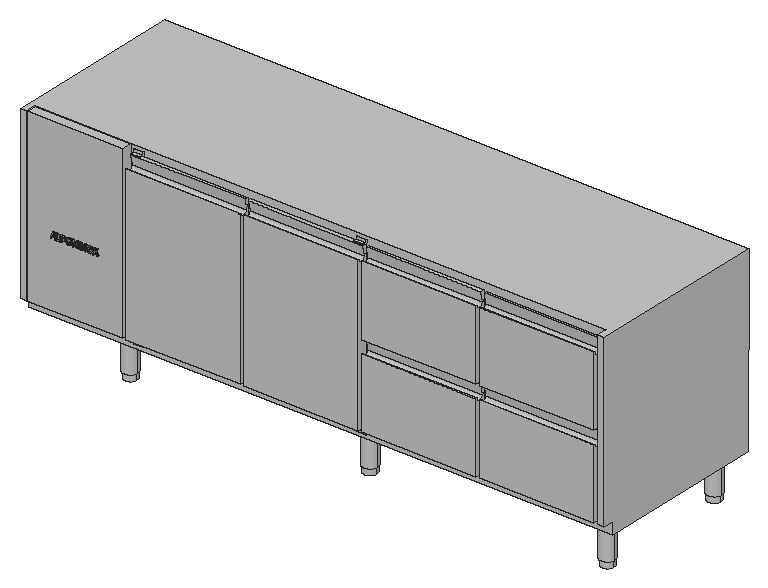
Revit family "QF_ALPENINOX_712078_AH4H7AABB", category Specialty Equipment, Revit 2018 (continued)
Definition of nested family "ALP_Cooling Unit"
  Lines and regions (mm)
    Split face 130
      outline origin (55.016, 2, -281.14) x (0, 0, 1) y (-1, 0, 0)
        loop
          line (510.649, 116.535) -> (510.649, 158.547)
    Split face 131
      outline origin (55.016, 2, -293.144) x (0, 0, 1) y (-1, 0, 0)
        loop
          arc (510.649, 158.547) -> (506.648, 162.548) -> (502.647, 158.547) r 4.001
          line (502.647, 158.547) -> (502.647, 116.535)
          arc (502.647, 116.535) -> (506.648, 112.533) -> (510.649, 116.535) r 4.001
          line (510.649, 116.535) -> (510.649, 158.547)
    Split face 132
      outline origin (110.032, 2, -113.091) x (0, 0, 1) y (-1, 0, 0)
        loop
          arc (510.649, 158.547) -> (506.648, 162.548) -> (502.647, 158.547) r 4.001
          line (502.647, 158.547) -> (502.647, 116.535)
          arc (502.647, 116.535) -> (506.648, 112.533) -> (510.649, 116.535) r 4.001
          line (510.649, 116.535) -> (510.649, 158.547)
    Split face 133
      outline origin (110.032, 2, -125.094) x (0, 0, 1) y (-1, 0, 0)
        loop
          arc (510.649, 158.547) -> (506.648, 162.548) -> (502.647, 158.547) r 4.001
          line (502.647, 158.547) -> (502.647, 116.535)
          arc (502.647, 116.535) -> (506.648, 112.533) -> (510.649, 116.535) r 4.001
          line (510.649, 116.535) -> (510.649, 158.547)
    Split face 134
      outline origin (110.032, 2, -137.098) x (0, 0, 1) y (-1, 0, 0)
        loop
          arc (510.649, 158.547) -> (506.648, 162.548) -> (502.647, 158.547) r 4.001
          line (502.647, 158.547) -> (502.647, 116.535)
          arc (502.647, 116.535) -> (506.648, 112.533) -> (510.649, 116.535) r 4.001
          line (510.649, 116.535) -> (510.649, 158.547)
    Split face 135
      outline origin (110.032, 2, -149.101) x (0, 0, 1) y (-1, 0, 0)
        loop
          arc (510.649, 158.547) -> (506.648, 162.548) -> (502.647, 158.547) r 4.001
          line (502.647, 158.547) -> (502.647, 116.535)
          arc (502.647, 116.535) -> (506.648, 112.533) -> (510.649, 116.535) r 4.001
          line (510.649, 116.535) -> (510.649, 158.547)
    Split face 136
      outline origin (110.032, 2, -161.105) x (0, 0, 1) y (-1, 0, 0)
        loop
          arc (510.649, 158.547) -> (506.648, 162.548) -> (502.647, 158.547) r 4.001
          line (502.647, 158.547) -> (502.647, 116.535)
          arc (502.647, 116.535) -> (506.648, 112.533) -> (510.649, 116.535) r 4.001
          line (510.649, 116.535) -> (510.649, 158.547)
    Split face 137
      outline origin (110.032, 2, -173.108) x (0, 0, 1) y (-1, 0, 0)
        loop
          arc (510.649, 158.547) -> (506.648, 162.548) -> (502.647, 158.547) r 4.001
          line (502.647, 158.547) -> (502.647, 116.535)
          arc (502.647, 116.535) -> (506.648, 112.533) -> (510.649, 116.535) r 4.001
          line (510.649, 116.535) -> (510.649, 158.547)
    Split face 138
      outline origin (110.032, 2, -185.112) x (0, 0, 1) y (-1, 0, 0)
        loop
          arc (510.649, 158.547) -> (506.648, 162.548) -> (502.647, 158.547) r 4.001
          line (502.647, 158.547) -> (502.647, 116.535)
          arc (502.647, 116.535) -> (506.648, 112.533) -> (510.649, 116.535) r 4.001
          line (510.649, 116.535) -> (510.649, 158.547)
    Split face 139
      outline origin (110.032, 2, -197.115) x (0, 0, 1) y (-1, 0, 0)
        loop
          arc (510.649, 158.547) -> (506.648, 162.548) -> (502.647, 158.547) r 4.001
          line (502.647, 158.547) -> (502.647, 116.535)
          arc (502.647, 116.535) -> (506.648, 112.533) -> (510.649, 116.535) r 4.001
          line (510.649, 116.535) -> (510.649, 158.547)
    Split face 140
      outline origin (110.032, 2, -209.119) x (0, 0, 1) y (-1, 0, 0)
        loop
          arc (510.649, 158.547) -> (506.648, 162.548) -> (502.647, 158.547) r 4.001
          line (502.647, 158.547) -> (502.647, 116.535)
          arc (502.647, 116.535) -> (506.648, 112.533) -> (510.649, 116.535) r 4.001
          line (510.649, 116.535) -> (510.649, 158.547)
    Split face 141
      outline origin (110.032, 2, -221.122) x (0, 0, 1) y (-1, 0, 0)
        loop
          arc (510.649, 158.547) -> (506.648, 162.548) -> (502.647, 158.547) r 4.001
          line (502.647, 158.547) -> (502.647, 116.535)
          arc (502.647, 116.535) -> (506.648, 112.533) -> (510.649, 116.535) r 4.001
          line (510.649, 116.535) -> (510.649, 158.547)
    Split face 142
      outline origin (110.032, 2, -233.126) x (0, 0, 1) y (-1, 0, 0)
        loop
          arc (510.649, 158.547) -> (506.648, 162.548) -> (502.647, 158.547) r 4.001
          line (502.647, 158.547) -> (502.647, 116.535)
          arc (502.647, 116.535) -> (506.648, 112.533) -> (510.649, 116.535) r 4.001
          line (510.649, 116.535) -> (510.649, 158.547)
    Split face 143
      outline origin (110.032, 2, -245.129) x (0, 0, 1) y (-1, 0, 0)
        loop
          arc (510.649, 158.547) -> (506.648, 162.548) -> (502.647, 158.547) r 4.001
          line (502.647, 158.547) -> (502.647, 116.535)
          arc (502.647, 116.535) -> (506.648, 112.533) -> (510.649, 116.535) r 4.001
          line (510.649, 116.535) -> (510.649, 158.547)
    Split face 144
      outline origin (110.032, 2, -257.133) x (0, 0, 1) y (-1, 0, 0)
        loop
          arc (510.649, 158.547) -> (506.648, 162.548) -> (502.647, 158.547) r 4.001
          line (502.647, 158.547) -> (502.647, 116.535)
          arc (502.647, 116.535) -> (506.648, 112.533) -> (510.649, 116.535) r 4.001
          line (510.649, 116.535) -> (510.649, 158.547)
    Split face 145
      outline origin (110.032, 2, -269.136) x (0, 0, 1) y (-1, 0, 0)
        loop
          arc (510.649, 158.547) -> (506.648, 162.548) -> (502.647, 158.547) r 4.001
          line (502.647, 158.547) -> (502.647, 116.535)
          arc (502.647, 116.535) -> (506.648, 112.533) -> (510.649, 116.535) r 4.001
          line (510.649, 116.535) -> (510.649, 158.547)
    Split face 146
      outline origin (110.032, 2, -281.14) x (0, 0, 1) y (-1, 0, 0)
        loop
          arc (510.649, 158.547) -> (506.648, 162.548) -> (502.647, 158.547) r 4.001
          line (502.647, 158.547) -> (502.647, 116.535)
          arc (502.647, 116.535) -> (506.648, 112.533) -> (510.649, 116.535) r 4.001
          line (510.649, 116.535) -> (510.649, 158.547)
    Split face 147
      outline origin (110.032, 2, -293.144) x (0, 0, 1) y (-1, 0, 0)
        loop
          arc (510.649, 158.547) -> (506.648, 162.548) -> (502.647, 158.547) r 4.001
          line (502.647, 158.547) -> (502.647, 116.535)
          arc (502.647, 116.535) -> (506.648, 112.533) -> (510.649, 116.535) r 4.001
          line (510.649, 116.535) -> (510.649, 158.547)
    Split face 148
      outline origin (165.048, 2, -113.091) x (0, 0, 1) y (-1, 0, 0)
        loop
          arc (510.649, 158.547) -> (506.648, 162.548) -> (502.647, 158.547) r 4.001
          line (502.647, 158.547) -> (502.647, 116.535)
          arc (502.647, 116.535) -> (506.648, 112.533) -> (510.649, 116.535) r 4.001
          line (510.649, 116.535) -> (510.649, 158.547)
    Split face 149
      outline origin (165.048, 2, -125.094) x (0, 0, 1) y (-1, 0, 0)
        loop
          arc (510.649, 158.547) -> (506.648, 162.548) -> (502.647, 158.547) r 4.001
          line (502.647, 158.547) -> (502.647, 116.535)
          arc (502.647, 116.535) -> (506.648, 112.533) -> (510.649, 116.535) r 4.001
          line (510.649, 116.535) -> (510.649, 158.547)
    Split face 150
      outline origin (165.048, 2, -137.098) x (0, 0, 1) y (-1, 0, 0)
        loop
          arc (510.649, 158.547) -> (506.648, 162.548) -> (502.647, 158.547) r 4.001
          line (502.647, 158.547) -> (502.647, 116.535)
          arc (502.647, 116.535) -> (506.648, 112.533) -> (510.649, 116.535) r 4.001
          line (510.649, 116.535) -> (510.649, 158.547)
    Split face 151
      outline origin (165.048, 2, -149.101) x (0, 0, 1) y (-1, 0, 0)
        loop
          arc (510.649, 158.547) -> (506.648, 162.548) -> (502.647, 158.547) r 4.001
          line (502.647, 158.547) -> (502.647, 116.535)
          arc (502.647, 116.535) -> (506.648, 112.533) -> (510.649, 116.535) r 4.001
          line (510.649, 116.535) -> (510.649, 158.547)
    Split face 152
      outline origin (165.048, 2, -161.105) x (0, 0, 1) y (-1, 0, 0)
        loop
          arc (510.649, 158.547) -> (506.648, 162.548) -> (502.647, 158.547) r 4.001
          line (502.647, 158.547) -> (502.647, 116.535)
          arc (502.647, 116.535) -> (506.648, 112.533) -> (510.649, 116.535) r 4.001
          line (510.649, 116.535) -> (510.649, 158.547)
    Split face 153
      outline origin (165.048, 2, -173.108) x (0, 0, 1) y (-1, 0, 0)
        loop
          arc (510.649, 158.547) -> (506.648, 162.548) -> (502.647, 158.547) r 4.001
          line (502.647, 158.547) -> (502.647, 116.535)
          arc (502.647, 116.535) -> (506.648, 112.533) -> (510.649, 116.535) r 4.001
          line (510.649, 116.535) -> (510.649, 158.547)
    Split face 154
      outline origin (165.048, 2, -185.112) x (0, 0, 1) y (-1, 0, 0)
        loop
          arc (510.649, 158.547) -> (506.648, 162.548) -> (502.647, 158.547) r 4.001
          line (502.647, 158.547) -> (502.647, 116.535)
          arc (502.647, 116.535) -> (506.648, 112.533) -> (510.649, 116.535) r 4.001
          line (510.649, 116.535) -> (510.649, 158.547)
    Split face 155
      outline origin (165.048, 2, -197.115) x (0, 0, 1) y (-1, 0, 0)
        loop
          arc (510.649, 158.547) -> (506.648, 162.548) -> (502.647, 158.547) r 4.001
          line (502.647, 158.547) -> (502.647, 116.535)
          arc (502.647, 116.535) -> (506.648, 112.533) -> (510.649, 116.535) r 4.001
          line (510.649, 116.535) -> (510.649, 158.547)
    Split face 156
      outline origin (165.048, 2, -209.119) x (0, 0, 1) y (-1, 0, 0)
        loop
          arc (510.649, 158.547) -> (506.648, 162.548) -> (502.647, 158.547) r 4.001
          line (502.647, 158.547) -> (502.647, 116.535)
          arc (502.647, 116.535) -> (506.648, 112.533) -> (510.649, 116.535) r 4.001
          line (510.649, 116.535) -> (510.649, 158.547)
    Split face 157
      outline origin (165.048, 2, -221.122) x (0, 0, 1) y (-1, 0, 0)
        loop
          arc (510.649, 158.547) -> (506.648, 162.548) -> (502.647, 158.547) r 4.001
          line (502.647, 158.547) -> (502.647, 116.535)
          arc (502.647, 116.535) -> (506.648, 112.533) -> (510.649, 116.535) r 4.001
          line (510.649, 116.535) -> (510.649, 158.547)
    Split face 158
      outline origin (165.048, 2, -233.126) x (0, 0, 1) y (-1, 0, 0)
        loop
          arc (510.649, 158.547) -> (506.648, 162.548) -> (502.647, 158.547) r 4.001
          line (502.647, 158.547) -> (502.647, 116.535)
          arc (502.647, 116.535) -> (506.648, 112.533) -> (510.649, 116.535) r 4.001
          line (510.649, 116.535) -> (510.649, 158.547)
    Split face 159
      outline origin (165.048, 2, -245.129) x (0, 0, 1) y (-1, 0, 0)
        loop
          arc (510.649, 158.547) -> (506.648, 162.548) -> (502.647, 158.547) r 4.001
          line (502.647, 158.547) -> (502.647, 116.535)
          arc (502.647, 116.535) -> (506.648, 112.533) -> (510.649, 116.535) r 4.001
          line (510.649, 116.535) -> (510.649, 158.547)
    Split face 160
      outline origin (165.048, 2, -257.133) x (0, 0, 1) y (-1, 0, 0)
        loop
          arc (510.649, 158.547) -> (506.648, 162.548) -> (502.647, 158.547) r 4.001
          line (502.647, 158.547) -> (502.647, 116.535)
          arc (502.647, 116.535) -> (506.648, 112.533) -> (510.649, 116.535) r 4.001
          line (510.649, 116.535) -> (510.649, 158.547)
    Split face 161
      outline origin (165.048, 2, -269.136) x (0, 0, 1) y (-1, 0, 0)
        loop
          arc (510.649, 158.547) -> (506.648, 162.548) -> (502.647, 158.547) r 4.001
          line (502.647, 158.547) -> (502.647, 116.535)
          arc (502.647, 116.535) -> (506.648, 112.533) -> (510.649, 116.535) r 4.001
          line (510.649, 116.535) -> (510.649, 158.547)
    Split face 162
      outline origin (165.048, 2, -281.14) x (0, 0, 1) y (-1, 0, 0)
        loop
          arc (510.649, 158.547) -> (506.648, 162.548) -> (502.647, 158.547) r 4.001
          line (502.647, 158.547) -> (502.647, 116.535)
          arc (502.647, 116.535) -> (506.648, 112.533) -> (510.649, 116.535) r 4.001
          line (510.649, 116.535) -> (510.649, 158.547)
    Split face 163
      outline origin (165.048, 2, -293.144) x (0, 0, 1) y (-1, 0, 0)
        loop
          arc (510.649, 158.547) -> (506.648, 162.548) -> (502.647, 158.547) r 4.001
          line (502.647, 158.547) -> (502.647, 116.535)
          arc (502.647, 116.535) -> (506.648, 112.533) -> (510.649, 116.535) r 4.001
          line (510.649, 116.535) -> (510.649, 158.547)
    Split face 164
      outline origin (220.064, 2, -113.091) x (0, 0, 1) y (-1, 0, 0)
        loop
          arc (510.649, 158.547) -> (506.648, 162.548) -> (502.647, 158.547) r 4.001
          line (502.647, 158.547) -> (502.647, 116.535)
          arc (502.647, 116.535) -> (506.648, 112.533) -> (510.649, 116.535) r 4.001
          line (510.649, 116.535) -> (510.649, 158.547)
    Split face 165
      outline origin (220.064, 2, -125.094) x (0, 0, 1) y (-1, 0, 0)
        loop
          arc (510.649, 158.547) -> (506.648, 162.548) -> (502.647, 158.547) r 4.001
          line (502.647, 158.547) -> (502.647, 116.535)
          arc (502.647, 116.535) -> (506.648, 112.533) -> (510.649, 116.535) r 4.001
          line (510.649, 116.535) -> (510.649, 158.547)
    Split face 166
      outline origin (220.064, 2, -137.098) x (0, 0, 1) y (-1, 0, 0)
        loop
          arc (510.649, 158.547) -> (506.648, 162.548) -> (502.647, 158.547) r 4.001
          line (502.647, 158.547) -> (502.647, 116.535)
          arc (502.647, 116.535) -> (506.648, 112.533) -> (510.649, 116.535) r 4.001
          line (510.649, 116.535) -> (510.649, 158.547)
    Split face 167
      outline origin (220.064, 2, -149.101) x (0, 0, 1) y (-1, 0, 0)
        loop
          arc (510.649, 158.547) -> (506.648, 162.548) -> (502.647, 158.547) r 4.001
          line (502.647, 158.547) -> (502.647, 116.535)
          arc (502.647, 116.535) -> (506.648, 112.533) -> (510.649, 116.535) r 4.001
          line (510.649, 116.535) -> (510.649, 158.547)
    Split face 168
      outline origin (220.064, 2, -161.105) x (0, 0, 1) y (-1, 0, 0)
        loop
          arc (510.649, 158.547) -> (506.648, 162.548) -> (502.647, 158.547) r 4.001
          line (502.647, 158.547) -> (502.647, 116.535)
          arc (502.647, 116.535) -> (506.648, 112.533) -> (510.649, 116.535) r 4.001
          line (510.649, 116.535) -> (510.649, 158.547)
    Split face 169
      outline origin (220.064, 2, -173.108) x (0, 0, 1) y (-1, 0, 0)
        loop
          arc (510.649, 158.547) -> (506.648, 162.548) -> (502.647, 158.547) r 4.001
          line (502.647, 158.547) -> (502.647, 116.535)
          arc (502.647, 116.535) -> (506.648, 112.533) -> (510.649, 116.535) r 4.001
          line (510.649, 116.535) -> (510.649, 158.547)
    Split face 170
      outline origin (220.064, 2, -185.112) x (0, 0, 1) y (-1, 0, 0)
        loop
          arc (510.649, 158.547) -> (506.648, 162.548) -> (502.647, 158.547) r 4.001
          line (502.647, 158.547) -> (502.647, 116.535)
          arc (502.647, 116.535) -> (506.648, 112.533) -> (510.649, 116.535) r 4.001
          line (510.649, 116.535) -> (510.649, 158.547)
    Split face 171
      outline origin (220.064, 2, -197.115) x (0, 0, 1) y (-1, 0, 0)
        loop
          arc (510.649, 158.547) -> (506.648, 162.548) -> (502.647, 158.547) r 4.001
          line (502.647, 158.547) -> (502.647, 116.535)
          arc (502.647, 116.535) -> (506.648, 112.533) -> (510.649, 116.535) r 4.001
          line (510.649, 116.535) -> (510.649, 158.547)
    Split face 172
      outline origin (220.064, 2, -209.119) x (0, 0, 1) y (-1, 0, 0)
        loop
          arc (510.649, 158.547) -> (506.648, 162.548) -> (502.647, 158.547) r 4.001
          line (502.647, 158.547) -> (502.647, 116.535)
          arc (502.647, 116.535) -> (506.648, 112.533) -> (510.649, 116.535) r 4.001
          line (510.649, 116.535) -> (510.649, 158.547)
    Split face 173
      outline origin (220.064, 2, -221.122) x (0, 0, 1) y (-1, 0, 0)
        loop
          arc (510.649, 158.547) -> (506.648, 162.548) -> (502.647, 158.547) r 4.001
          line (502.647, 158.547) -> (502.647, 116.535)
          arc (502.647, 116.535) -> (506.648, 112.533) -> (510.649, 116.535) r 4.001
          line (510.649, 116.535) -> (510.649, 158.547)
    Split face 174
      outline origin (220.064, 2, -233.126) x (0, 0, 1) y (-1, 0, 0)
        loop
          arc (510.649, 158.547) -> (506.648, 162.548) -> (502.647, 158.547) r 4.001
          line (502.647, 158.547) -> (502.647, 116.535)
          arc (502.647, 116.535) -> (506.648, 112.533) -> (510.649, 116.535) r 4.001
          line (510.649, 116.535) -> (510.649, 158.547)
    Split face 175
      outline origin (220.064, 2, -245.129) x (0, 0, 1) y (-1, 0, 0)
        loop
          arc (510.649, 158.547) -> (506.648, 162.548) -> (502.647, 158.547) r 4.001
          line (502.647, 158.547) -> (502.647, 116.535)
          arc (502.647, 116.535) -> (506.648, 112.533) -> (510.649, 116.535) r 4.001
          line (510.649, 116.535) -> (510.649, 158.547)
    Split face 176
      outline origin (220.064, 2, -257.133) x (0, 0, 1) y (-1, 0, 0)
        loop
          arc (510.649, 158.547) -> (506.648, 162.548) -> (502.647, 158.547) r 4.001
          line (502.647, 158.547) -> (502.647, 116.535)
          arc (502.647, 116.535) -> (506.648, 112.533) -> (510.649, 116.535) r 4.001
          line (510.649, 116.535) -> (510.649, 158.547)
    Split face 177
      outline origin (220.064, 2, -269.136) x (0, 0, 1) y (-1, 0, 0)
        loop
          arc (510.649, 158.547) -> (506.648, 162.548) -> (502.647, 158.547) r 4.001
          line (502.647, 158.547) -> (502.647, 116.535)
          arc (502.647, 116.535) -> (506.648, 112.533) -> (510.649, 116.535) r 4.001
          line (510.649, 116.535) -> (510.649, 158.547)
    Split face 178
      outline origin (220.064, 2, -281.14) x (0, 0, 1) y (-1, 0, 0)
        loop
          arc (510.649, 158.547) -> (506.648, 162.548) -> (502.647, 158.547) r 4.001
          line (502.647, 158.547) -> (502.647, 116.535)
          arc (502.647, 116.535) -> (506.648, 112.533) -> (510.649, 116.535) r 4.001
          line (510.649, 116.535) -> (510.649, 158.547)
    Split face 179
      outline origin (220.064, 2, -293.144) x (0, 0, 1) y (-1, 0, 0)
        loop
          arc (510.649, 158.547) -> (506.648, 162.548) -> (502.647, 158.547) r 4.001
          line (502.647, 158.547) -> (502.647, 116.535)
          arc (502.647, 116.535) -> (506.648, 112.533) -> (510.649, 116.535) r 4.001
          line (510.649, 116.535) -> (510.649, 158.547)
    Split face 180
      outline origin (275.081, 2, -113.091) x (0, 0, 1) y (-1, 0, 0)
        loop
          arc (510.649, 158.547) -> (506.648, 162.548) -> (502.647, 158.547) r 4.001
          line (502.647, 158.547) -> (502.647, 116.535)
          arc (502.647, 116.535) -> (506.648, 112.533) -> (510.649, 116.535) r 4.001
          line (510.649, 116.535) -> (510.649, 158.547)
    Split face 181
      outline origin (275.081, 2, -125.094) x (0, 0, 1) y (-1, 0, 0)
        loop
          arc (510.649, 158.547) -> (506.648, 162.548) -> (502.647, 158.547) r 4.001
          line (502.647, 158.547) -> (502.647, 116.535)
          arc (502.647, 116.535) -> (506.648, 112.533) -> (510.649, 116.535) r 4.001
          line (510.649, 116.535) -> (510.649, 158.547)
    Split face 182
      outline origin (275.081, 2, -137.098) x (0, 0, 1) y (-1, 0, 0)
        loop
          arc (510.649, 158.547) -> (506.648, 162.548) -> (502.647, 158.547) r 4.001
          line (502.647, 158.547) -> (502.647, 116.535)
          arc (502.647, 116.535) -> (506.648, 112.533) -> (510.649, 116.535) r 4.001
          line (510.649, 116.535) -> (510.649, 158.547)
    Split face 183
      outline origin (275.081, 2, -149.101) x (0, 0, 1) y (-1, 0, 0)
        loop
          arc (510.649, 158.547) -> (506.648, 162.548) -> (502.647, 158.547) r 4.001
          line (502.647, 158.547) -> (502.647, 116.535)
          arc (502.647, 116.535) -> (506.648, 112.533) -> (510.649, 116.535) r 4.001
          line (510.649, 116.535) -> (510.649, 158.547)
    Split face 184
      outline origin (275.081, 2, -161.105) x (0, 0, 1) y (-1, 0, 0)
        loop
          arc (510.649, 158.547) -> (506.648, 162.548) -> (502.647, 158.547) r 4.001
          line (502.647, 158.547) -> (502.647, 116.535)
          arc (502.647, 116.535) -> (506.648, 112.533) -> (510.649, 116.535) r 4.001
          line (510.649, 116.535) -> (510.649, 158.547)
    Split face 185
      outline origin (275.081, 2, -173.108) x (0, 0, 1) y (-1, 0, 0)
        loop
          arc (510.649, 158.547) -> (506.648, 162.548) -> (502.647, 158.547) r 4.001
          line (502.647, 158.547) -> (502.647, 116.535)
          arc (502.647, 116.535) -> (506.648, 112.533) -> (510.649, 116.535) r 4.001
          line (510.649, 116.535) -> (510.649, 158.547)
    Split face 186
      outline origin (275.081, 2, -185.112) x (0, 0, 1) y (-1, 0, 0)
        loop
          arc (510.649, 158.547) -> (506.648, 162.548) -> (502.647, 158.547) r 4.001
          line (502.647, 158.547) -> (502.647, 116.535)
          arc (502.647, 116.535) -> (506.648, 112.533) -> (510.649, 116.535) r 4.001
          line (510.649, 116.535) -> (510.649, 158.547)
    Split face 187
      outline origin (275.081, 2, -197.115) x (0, 0, 1) y (-1, 0, 0)
        loop
          arc (510.649, 158.547) -> (506.648, 162.548) -> (502.647, 158.547) r 4.001
          line (502.647, 158.547) -> (502.647, 116.535)
          arc (502.647, 116.535) -> (506.648, 112.533) -> (510.649, 116.535) r 4.001
          line (510.649, 116.535) -> (510.649, 158.547)
    Split face 188
      outline origin (275.081, 2, -209.119) x (0, 0, 1) y (-1, 0, 0)
        loop
          arc (510.649, 158.547) -> (506.648, 162.548) -> (502.647, 158.547) r 4.001
          line (502.647, 158.547) -> (502.647, 116.535)
          arc (502.647, 116.535) -> (506.648, 112.533) -> (510.649, 116.535) r 4.001
          line (510.649, 116.535) -> (510.649, 158.547)
    Split face 189
      outline origin (275.081, 2, -221.122) x (0, 0, 1) y (-1, 0, 0)
        loop
          arc (510.649, 158.547) -> (506.648, 162.548) -> (502.647, 158.547) r 4.001
          line (502.647, 158.547) -> (502.647, 116.535)
          arc (502.647, 116.535) -> (506.648, 112.533) -> (510.649, 116.535) r 4.001
          line (510.649, 116.535) -> (510.649, 158.547)
    Split face 190
      outline origin (275.081, 2, -233.126) x (0, 0, 1) y (-1, 0, 0)
        loop
          arc (510.649, 158.547) -> (506.648, 162.548) -> (502.647, 158.547) r 4.001
          line (502.647, 158.547) -> (502.647, 116.535)
          arc (502.647, 116.535) -> (506.648, 112.533) -> (510.649, 116.535) r 4.001
          line (510.649, 116.535) -> (510.649, 158.547)
    Split face 191
      outline origin (275.081, 2, -245.129) x (0, 0, 1) y (-1, 0, 0)
        loop
          arc (510.649, 158.547) -> (506.648, 162.548) -> (502.647, 158.547) r 4.001
          line (502.647, 158.547) -> (502.647, 116.535)
          arc (502.647, 116.535) -> (506.648, 112.533) -> (510.649, 116.535) r 4.001
          line (510.649, 116.535) -> (510.649, 158.547)
    Split face 192
      outline origin (275.081, 2, -257.133) x (0, 0, 1) y (-1, 0, 0)
        loop
          arc (510.649, 158.547) -> (506.648, 162.548) -> (502.647, 158.547) r 4.001
          line (502.647, 158.547) -> (502.647, 116.535)
          arc (502.647, 116.535) -> (506.648, 112.533) -> (510.649, 116.535) r 4.001
          line (510.649, 116.535) -> (510.649, 158.547)
    Split face 193
      outline origin (275.081, 2, -269.136) x (0, 0, 1) y (-1, 0, 0)
        loop
          arc (510.649, 158.547) -> (506.648, 162.548) -> (502.647, 158.547) r 4.001
          line (502.647, 158.547) -> (502.647, 116.535)
          arc (502.647, 116.535) -> (506.648, 112.533) -> (510.649, 116.535) r 4.001
          line (510.649, 116.535) -> (510.649, 158.547)
    Split face 194
      outline origin (275.081, 2, -281.14) x (0, 0, 1) y (-1, 0, 0)
        loop
          arc (510.649, 158.547) -> (506.648, 162.548) -> (502.647, 158.547) r 4.001
          line (502.647, 158.547) -> (502.647, 116.535)
          arc (502.647, 116.535) -> (506.648, 112.533) -> (510.649, 116.535) r 4.001
          line (510.649, 116.535) -> (510.649, 158.547)
    Split face 195
      outline origin (275.081, 2, -293.144) x (0, 0, 1) y (-1, 0, 0)
        loop
          arc (510.649, 158.547) -> (506.648, 162.548) -> (502.647, 158.547) r 4.001
          line (502.647, 158.547) -> (502.647, 116.535)
          arc (502.647, 116.535) -> (506.648, 112.533) -> (510.649, 116.535) r 4.001
          line (510.649, 116.535) -> (510.649, 158.547)
  Dimensions and locks
    aligned and locked: level to plane 2
  Nested families
    nested 1: "ALP_Logo_S" at (0, 2, 458.586) x (1, 0, 0) z (0, -1, 0), visible <- "Show Logo", type "ALP_Logo_S"
  Definition of nested family "ALP_Logo_S"
    Parameters
      Default Elevation = 0 mm
    Reference planes
      plane 1 "Centro (Fronte/Retro)": y = 0
      plane 2: z = 0
      plane 3 "Centro (Sinistra/Destra)": x = 0
    Forms (mm)
      Extrusion 1, solid
        sketch origin (0, 0, 0) x (1, 0, 0) y (0, 1, 0)
          loop
            line (-1219.2, 1219.2) -> (-1219.2, -1219.2) -> (1219.2, -1219.2) -> (1219.2, 1219.2) -> (-1219.2, 1219.2)
        from 0 to -304.8
      Extrusion 2, solid
        sketch origin (17.793, -46.218, 0) x (-1, 0, 0) y (0, -1, 0)
          loop
            line (109.007, -37.469) -> (109.244, -36.361)
            spline (109.244, -36.361) -> (109.221, -36.03) -> (109.153, -35.716) -> (109.043, -35.42) -> (108.895, -35.146) -> (108.713, -34.896) -> (108.498, -34.671) -> (108.255, -34.475) -> (107.987, -34.309) -> (107.697, -34.176) -> (107.388, -34.078) -> (107.064, -34.017) -> (106.728, -33.997)
            spline (106.728, -33.997) -> (106.393, -34.012) -> (106.085, -34.057) -> (105.803, -34.129) -> (105.547, -34.228) -> (105.315, -34.352) -> (105.105, -34.499) -> (104.918, -34.668) -> (104.752, -34.858) -> (104.605, -35.066) -> (104.478, -35.291) -> (104.368, -35.532) -> (104.275, -35.787)
            line (104.275, -35.787) -> (103.256, -38.92) -> (93.799, -38.92) -> (92.773, -35.75)
            spline (92.773, -35.75) -> (92.68, -35.504) -> (92.57, -35.27) -> (92.443, -35.05) -> (92.296, -34.847) -> (92.129, -34.661) -> (91.941, -34.495) -> (91.729, -34.35) -> (91.494, -34.227) -> (91.234, -34.129) -> (90.948, -34.056) -> (90.634, -34.012) -> (90.292, -33.997)
            spline (90.292, -33.997) -> (89.98, -34.015) -> (89.679, -34.07) -> (89.392, -34.16) -> (89.122, -34.282) -> (88.871, -34.436) -> (88.644, -34.618) -> (88.442, -34.828) -> (88.271, -35.063) -> (88.132, -35.322) -> (88.028, -35.604) -> (87.964, -35.905) -> (87.942, -36.225)
            line (87.942, -36.225) -> (88.215, -37.469) -> (94.885, -55.826)
            spline (94.885, -55.826) -> (95.044, -56.22) -> (95.23, -56.593) -> (95.444, -56.943) -> (95.685, -57.268) -> (95.953, -57.564) -> (96.246, -57.829) -> (96.565, -58.06) -> (96.909, -58.255) -> (97.278, -58.412) -> (97.672, -58.527) -> (98.088, -58.597) -> (98.529, -58.622)
            spline (98.529, -58.622) -> (98.953, -58.596) -> (99.359, -58.522) -> (99.746, -58.402) -> (100.112, -58.241) -> (100.457, -58.04) -> (100.78, -57.804) -> (101.078, -57.536) -> (101.351, -57.238) -> (101.599, -56.916) -> (101.818, -56.57) -> (102.009, -56.206) -> (102.171, -55.826)
            line (102.171, -55.826) -> (109.007, -37.469)
          loop
            line (101.794, -43.576) -> (95.326, -43.576) -> (98.522, -53.458) -> (101.794, -43.576)
          loop
            spline (85.755, -36.964) -> (85.735, -36.556) -> (85.675, -36.175) -> (85.576, -35.822) -> (85.439, -35.499) -> (85.266, -35.208) -> (85.056, -34.95) -> (84.812, -34.727) -> (84.534, -34.541) -> (84.223, -34.394) -> (83.881, -34.286) -> (83.507, -34.22) -> (83.104, -34.198)
            line (83.104, -34.198) -> (74.598, -34.198)
            spline (74.598, -34.198) -> (74.236, -34.221) -> (73.9, -34.286) -> (73.592, -34.39) -> (73.311, -34.528) -> (73.058, -34.698) -> (72.835, -34.895) -> (72.641, -35.114) -> (72.478, -35.354) -> (72.347, -35.608) -> (72.247, -35.874) -> (72.181, -36.148) -> (72.148, -36.426)
            spline (72.148, -36.426) -> (72.156, -36.715) -> (72.197, -37.004) -> (72.272, -37.289) -> (72.382, -37.565) -> (72.528, -37.827) -> (72.709, -38.07) -> (72.927, -38.288) -> (73.183, -38.478) -> (73.478, -38.635) -> (73.811, -38.752) -> (74.184, -38.827) -> (74.598, -38.852)
            line (74.598, -38.852) -> (80.653, -38.852) -> (80.653, -55.789)
            spline (80.653, -55.789) -> (80.675, -56.195) -> (80.741, -56.569) -> (80.846, -56.912) -> (80.99, -57.221) -> (81.169, -57.497) -> (81.381, -57.738) -> (81.624, -57.944) -> (81.894, -58.114) -> (82.191, -58.247) -> (82.51, -58.343) -> (82.85, -58.402) -> (83.208, -58.421)
            spline (83.208, -58.421) -> (83.565, -58.402) -> (83.904, -58.343) -> (84.222, -58.247) -> (84.517, -58.114) -> (84.787, -57.944) -> (85.029, -57.738) -> (85.241, -57.497) -> (85.419, -57.221) -> (85.563, -56.912) -> (85.668, -56.569) -> (85.733, -56.195) -> (85.755, -55.789)
            line (85.755, -55.789) -> (85.755, -36.964)
          loop
            spline (69.963, -36.629) -> (69.941, -36.222) -> (69.876, -35.847) -> (69.77, -35.505) -> (69.627, -35.196) -> (69.448, -34.921) -> (69.236, -34.68) -> (68.993, -34.474) -> (68.723, -34.305) -> (68.427, -34.171) -> (68.108, -34.075) -> (67.769, -34.017) -> (67.412, -33.998)
            spline (67.412, -33.998) -> (67.055, -34.017) -> (66.716, -34.075) -> (66.397, -34.171) -> (66.101, -34.305) -> (65.832, -34.474) -> (65.59, -34.68) -> (65.378, -34.921) -> (65.2, -35.196) -> (65.057, -35.505) -> (64.951, -35.847) -> (64.886, -36.222) -> (64.864, -36.629)
            line (64.864, -36.629) -> (64.864, -42.161) -> (61.085, -42.161)
            spline (61.085, -42.161) -> (59.938, -42.224) -> (58.836, -42.411) -> (57.789, -42.717) -> (56.807, -43.139) -> (55.902, -43.671) -> (55.083, -44.311) -> (54.361, -45.053) -> (53.747, -45.894) -> (53.251, -46.829) -> (52.884, -47.854) -> (52.656, -48.965) -> (52.577, -50.158)
            spline (52.577, -50.158) -> (52.653, -51.33) -> (52.875, -52.429) -> (53.235, -53.452) -> (53.724, -54.391) -> (54.334, -55.241) -> (55.057, -55.997) -> (55.884, -56.652) -> (56.807, -57.201) -> (57.817, -57.638) -> (58.906, -57.957) -> (60.067, -58.153) -> (61.289, -58.22)
            line (61.289, -58.22) -> (67.306, -58.22)
            spline (67.306, -58.22) -> (67.716, -58.198) -> (68.095, -58.135) -> (68.44, -58.031) -> (68.752, -57.889) -> (69.031, -57.711) -> (69.274, -57.498) -> (69.482, -57.251) -> (69.653, -56.974) -> (69.788, -56.667) -> (69.885, -56.332) -> (69.944, -55.972) -> (69.963, -55.587)
            line (69.963, -55.587) -> (69.963, -36.629)
          loop
            line (64.864, -53.764) -> (64.864, -46.61) -> (61.384, -46.61)
            spline (61.384, -46.61) -> (60.866, -46.642) -> (60.382, -46.735) -> (59.935, -46.885) -> (59.526, -47.089) -> (59.158, -47.342) -> (58.832, -47.641) -> (58.551, -47.983) -> (58.317, -48.362) -> (58.131, -48.777) -> (57.995, -49.222) -> (57.913, -49.694) -> (57.885, -50.189)
            spline (57.885, -50.189) -> (57.913, -50.684) -> (57.995, -51.156) -> (58.131, -51.601) -> (58.317, -52.015) -> (58.551, -52.394) -> (58.832, -52.735) -> (59.158, -53.034) -> (59.526, -53.287) -> (59.935, -53.49) -> (60.382, -53.64) -> (60.866, -53.733) -> (61.384, -53.764)
            line (61.384, -53.764) -> (64.864, -53.764)
          loop
            spline (32.388, -43.737) -> (31.645, -43.763) -> (30.977, -43.84) -> (30.381, -43.966) -> (29.857, -44.139) -> (29.401, -44.355) -> (29.012, -44.613) -> (28.688, -44.91) -> (28.428, -45.245) -> (28.228, -45.614) -> (28.088, -46.015) -> (28.006, -46.447) -> (27.979, -46.906)
            spline (27.979, -46.906) -> (28.073, -48.241) -> (28.349, -49.591) -> (28.801, -50.931) -> (29.42, -52.236) -> (30.198, -53.481) -> (31.128, -54.642) -> (32.202, -55.693) -> (33.412, -56.608) -> (34.751, -57.364) -> (36.211, -57.935) -> (37.784, -58.296) -> (39.462, -58.422)
            spline (39.462, -58.422) -> (41.103, -58.303) -> (42.649, -57.959) -> (44.091, -57.408) -> (45.422, -56.668) -> (46.63, -55.759) -> (47.707, -54.697) -> (48.644, -53.501) -> (49.431, -52.19) -> (50.059, -50.782) -> (50.52, -49.295) -> (50.803, -47.748) -> (50.899, -46.159)
            spline (50.899, -46.159) -> (50.801, -44.451) -> (50.511, -42.83) -> (50.039, -41.308) -> (49.392, -39.896) -> (48.579, -38.607) -> (47.608, -37.451) -> (46.488, -36.441) -> (45.226, -35.588) -> (43.831, -34.905) -> (42.311, -34.402) -> (40.675, -34.091) -> (38.93, -33.985)
            spline (38.93, -33.985) -> (37.728, -34.039) -> (36.511, -34.193) -> (35.301, -34.44) -> (34.12, -34.77) -> (32.993, -35.175) -> (31.942, -35.645) -> (30.99, -36.172) -> (30.16, -36.746) -> (29.474, -37.36) -> (28.956, -38.004) -> (28.628, -38.669) -> (28.514, -39.347)
            spline (28.514, -39.347) -> (28.53, -39.685) -> (28.577, -40.017) -> (28.656, -40.338) -> (28.765, -40.643) -> (28.905, -40.928) -> (29.073, -41.19) -> (29.27, -41.423) -> (29.495, -41.623) -> (29.748, -41.787) -> (30.028, -41.91) -> (30.333, -41.987) -> (30.665, -42.014)
            spline (30.665, -42.014) -> (31.199, -41.95) -> (31.712, -41.768) -> (32.22, -41.491) -> (32.738, -41.145) -> (33.281, -40.752) -> (33.868, -40.337) -> (34.512, -39.924) -> (35.23, -39.537) -> (36.038, -39.199) -> (36.952, -38.934) -> (37.987, -38.768) -> (39.161, -38.722)
            spline (39.161, -38.722) -> (39.894, -38.774) -> (40.606, -38.897) -> (41.291, -39.091) -> (41.943, -39.354) -> (42.554, -39.684) -> (43.119, -40.08) -> (43.632, -40.54) -> (44.086, -41.061) -> (44.475, -41.643) -> (44.792, -42.285) -> (45.032, -42.983) -> (45.188, -43.737)
            line (45.188, -43.737) -> (32.388, -43.737)
          loop
            line (45.321, -48.475) -> (33.559, -48.475)
            spline (33.559, -48.475) -> (33.693, -49.163) -> (33.914, -49.841) -> (34.214, -50.497) -> (34.588, -51.123) -> (35.029, -51.71) -> (35.531, -52.248) -> (36.087, -52.729) -> (36.691, -53.143) -> (37.337, -53.481) -> (38.018, -53.734) -> (38.729, -53.893) -> (39.462, -53.948)
            spline (39.462, -53.948) -> (40.168, -53.891) -> (40.86, -53.728) -> (41.531, -53.468) -> (42.173, -53.123) -> (42.779, -52.701) -> (43.339, -52.214) -> (43.847, -51.671) -> (44.295, -51.082) -> (44.674, -50.458) -> (44.976, -49.809) -> (45.195, -49.144) -> (45.321, -48.475)
          loop
            spline (25.297, -36.629) -> (25.275, -36.222) -> (25.209, -35.847) -> (25.103, -35.505) -> (24.958, -35.196) -> (24.779, -34.92) -> (24.566, -34.679) -> (24.323, -34.474) -> (24.052, -34.304) -> (23.755, -34.17) -> (23.436, -34.074) -> (23.096, -34.016) -> (22.739, -33.997)
            spline (22.739, -33.997) -> (22.382, -34.016) -> (22.043, -34.074) -> (21.724, -34.17) -> (21.429, -34.304) -> (21.158, -34.474) -> (20.916, -34.679) -> (20.704, -34.92) -> (20.525, -35.196) -> (20.382, -35.505) -> (20.276, -35.847) -> (20.211, -36.222) -> (20.189, -36.629)
            line (20.189, -36.629) -> (20.189, -49.304) -> (9.333, -35.11) -> (7.187, -33.997)
            spline (7.187, -33.997) -> (6.83, -34.016) -> (6.49, -34.074) -> (6.172, -34.17) -> (5.876, -34.304) -> (5.606, -34.474) -> (5.363, -34.679) -> (5.151, -34.92) -> (4.972, -35.196) -> (4.829, -35.505) -> (4.723, -35.847) -> (4.658, -36.222) -> (4.636, -36.629)
            line (4.636, -36.629) -> (4.636, -55.789)
            spline (4.636, -55.789) -> (4.658, -56.195) -> (4.723, -56.569) -> (4.829, -56.912) -> (4.972, -57.221) -> (5.151, -57.497) -> (5.363, -57.738) -> (5.606, -57.944) -> (5.876, -58.114) -> (6.172, -58.247) -> (6.49, -58.343) -> (6.83, -58.402) -> (7.187, -58.421)
            spline (7.187, -58.421) -> (7.545, -58.402) -> (7.885, -58.343) -> (8.204, -58.247) -> (8.5, -58.114) -> (8.771, -57.944) -> (9.014, -57.738) -> (9.226, -57.497) -> (9.405, -57.221) -> (9.549, -56.912) -> (9.654, -56.569) -> (9.719, -56.195) -> (9.742, -55.789)
            line (9.742, -55.789) -> (9.742, -42.947) -> (20.597, -57.305) -> (22.739, -58.421)
            spline (22.739, -58.421) -> (23.096, -58.402) -> (23.436, -58.343) -> (23.755, -58.247) -> (24.052, -58.114) -> (24.323, -57.944) -> (24.566, -57.738) -> (24.779, -57.497) -> (24.958, -57.221) -> (25.103, -56.912) -> (25.209, -56.569) -> (25.275, -56.195) -> (25.297, -55.789)
            line (25.297, -55.789) -> (25.297, -36.629)
          loop
            spline (1.445, -36.629) -> (1.422, -36.222) -> (1.357, -35.847) -> (1.252, -35.505) -> (1.108, -35.196) -> (0.929, -34.92) -> (0.717, -34.679) -> (0.475, -34.474) -> (0.204, -34.304) -> (-0.092, -34.17) -> (-0.411, -34.074) -> (-0.751, -34.016) -> (-1.109, -33.997)
            spline (-1.109, -33.997) -> (-1.467, -34.016) -> (-1.807, -34.074) -> (-2.125, -34.17) -> (-2.421, -34.304) -> (-2.691, -34.474) -> (-2.933, -34.679) -> (-3.145, -34.92) -> (-3.324, -35.196) -> (-3.467, -35.505) -> (-3.572, -35.847) -> (-3.637, -36.222) -> (-3.659, -36.629)
            line (-3.659, -36.629) -> (-3.659, -55.789)
            spline (-3.659, -55.789) -> (-3.637, -56.195) -> (-3.572, -56.569) -> (-3.467, -56.912) -> (-3.324, -57.221) -> (-3.145, -57.497) -> (-2.933, -57.738) -> (-2.691, -57.944) -> (-2.421, -58.114) -> (-2.125, -58.247) -> (-1.807, -58.343) -> (-1.467, -58.402) -> (-1.109, -58.421)
            spline (-1.109, -58.421) -> (-0.751, -58.402) -> (-0.411, -58.343) -> (-0.092, -58.247) -> (0.204, -58.114) -> (0.475, -57.944) -> (0.717, -57.738) -> (0.929, -57.497) -> (1.108, -57.221) -> (1.252, -56.912) -> (1.357, -56.569) -> (1.422, -56.195) -> (1.445, -55.789)
            line (1.445, -55.789) -> (1.445, -36.629)
          loop
            spline (-6.852, -36.629) -> (-6.875, -36.222) -> (-6.94, -35.847) -> (-7.045, -35.505) -> (-7.189, -35.196) -> (-7.368, -34.92) -> (-7.58, -34.679) -> (-7.822, -34.474) -> (-8.092, -34.304) -> (-8.388, -34.17) -> (-8.706, -34.074) -> (-9.046, -34.016) -> (-9.403, -33.997)
            spline (-9.403, -33.997) -> (-9.76, -34.016) -> (-10.1, -34.074) -> (-10.42, -34.17) -> (-10.716, -34.304) -> (-10.987, -34.474) -> (-11.23, -34.679) -> (-11.442, -34.92) -> (-11.621, -35.196) -> (-11.765, -35.505) -> (-11.871, -35.847) -> (-11.936, -36.222) -> (-11.958, -36.629)
            line (-11.958, -36.629) -> (-11.958, -49.304) -> (-22.814, -35.11) -> (-24.958, -33.997)
            spline (-24.958, -33.997) -> (-25.315, -34.016) -> (-25.655, -34.074) -> (-25.974, -34.17) -> (-26.27, -34.304) -> (-26.541, -34.474) -> (-26.784, -34.679) -> (-26.996, -34.92) -> (-27.175, -35.196) -> (-27.319, -35.505) -> (-27.424, -35.847) -> (-27.49, -36.222) -> (-27.512, -36.629)
            line (-27.512, -36.629) -> (-27.512, -55.789)
            spline (-27.512, -55.789) -> (-27.49, -56.195) -> (-27.424, -56.569) -> (-27.319, -56.912) -> (-27.175, -57.221) -> (-26.996, -57.497) -> (-26.784, -57.738) -> (-26.541, -57.944) -> (-26.27, -58.114) -> (-25.974, -58.247) -> (-25.655, -58.343) -> (-25.315, -58.402) -> (-24.958, -58.421)
            spline (-24.958, -58.421) -> (-24.6, -58.402) -> (-24.26, -58.343) -> (-23.941, -58.247) -> (-23.646, -58.114) -> (-23.375, -57.944) -> (-23.133, -57.738) -> (-22.921, -57.497) -> (-22.743, -57.221) -> (-22.599, -56.912) -> (-22.494, -56.569) -> (-22.429, -56.195) -> (-22.407, -55.789)
            line (-22.407, -55.789) -> (-22.407, -42.949) -> (-11.549, -57.305) -> (-9.403, -58.421)
            spline (-9.403, -58.421) -> (-9.046, -58.402) -> (-8.706, -58.343) -> (-8.388, -58.247) -> (-8.092, -58.114) -> (-7.822, -57.944) -> (-7.58, -57.738) -> (-7.368, -57.497) -> (-7.189, -57.221) -> (-7.045, -56.912) -> (-6.94, -56.569) -> (-6.875, -56.195) -> (-6.852, -55.789)
            line (-6.852, -55.789) -> (-6.852, -36.629)
          loop
            spline (-41.905, -33.794) -> (-43.601, -33.905) -> (-45.194, -34.229) -> (-46.677, -34.752) -> (-48.04, -35.461) -> (-49.275, -36.342) -> (-50.373, -37.383) -> (-51.326, -38.569) -> (-52.125, -39.887) -> (-52.761, -41.323) -> (-53.226, -42.864) -> (-53.512, -44.497) -> (-53.609, -46.208)
            spline (-53.609, -46.208) -> (-53.509, -47.892) -> (-53.217, -49.507) -> (-52.742, -51.038) -> (-52.094, -52.472) -> (-51.284, -53.792) -> (-50.321, -54.984) -> (-49.216, -56.034) -> (-47.978, -56.926) -> (-46.618, -57.646) -> (-45.146, -58.178) -> (-43.572, -58.509) -> (-41.905, -58.622)
            spline (-41.905, -58.622) -> (-40.216, -58.512) -> (-38.628, -58.19) -> (-37.148, -57.669) -> (-35.785, -56.962) -> (-34.549, -56.084) -> (-33.449, -55.046) -> (-32.493, -53.861) -> (-31.691, -52.544) -> (-31.051, -51.107) -> (-30.583, -49.563) -> (-30.296, -47.926) -> (-30.198, -46.208)
            spline (-30.198, -46.208) -> (-30.296, -44.497) -> (-30.585, -42.864) -> (-31.055, -41.323) -> (-31.697, -39.887) -> (-32.502, -38.569) -> (-33.46, -37.383) -> (-34.562, -36.342) -> (-35.798, -35.461) -> (-37.16, -34.752) -> (-38.638, -34.229) -> (-40.223, -33.905) -> (-41.905, -33.794)
          loop
            spline (-41.905, -38.45) -> (-42.938, -38.524) -> (-43.878, -38.739) -> (-44.726, -39.084) -> (-45.482, -39.548) -> (-46.147, -40.119) -> (-46.722, -40.787) -> (-47.206, -41.541) -> (-47.601, -42.37) -> (-47.907, -43.262) -> (-48.125, -44.206) -> (-48.256, -45.192) -> (-48.299, -46.208)
            spline (-48.299, -46.208) -> (-48.255, -47.219) -> (-48.121, -48.201) -> (-47.898, -49.143) -> (-47.586, -50.035) -> (-47.186, -50.863) -> (-46.697, -51.619) -> (-46.119, -52.289) -> (-45.453, -52.862) -> (-44.698, -53.328) -> (-43.855, -53.675) -> (-42.924, -53.891) -> (-41.905, -53.966)
            spline (-41.905, -53.966) -> (-40.885, -53.891) -> (-39.953, -53.675) -> (-39.109, -53.328) -> (-38.354, -52.862) -> (-37.688, -52.289) -> (-37.11, -51.619) -> (-36.62, -50.863) -> (-36.22, -50.035) -> (-35.908, -49.143) -> (-35.685, -48.201) -> (-35.551, -47.219) -> (-35.507, -46.208)
            spline (-35.507, -46.208) -> (-35.55, -45.192) -> (-35.68, -44.206) -> (-35.898, -43.262) -> (-36.204, -42.37) -> (-36.599, -41.541) -> (-37.084, -40.787) -> (-37.659, -40.119) -> (-38.324, -39.548) -> (-39.081, -39.084) -> (-39.929, -38.739) -> (-40.87, -38.524) -> (-41.905, -38.45)
          loop
            line (-53.681, -38.08) -> (-53.106, -36.361)
            spline (-53.106, -36.361) -> (-53.128, -36.016) -> (-53.193, -35.692) -> (-53.299, -35.392) -> (-53.443, -35.116) -> (-53.623, -34.867) -> (-53.837, -34.646) -> (-54.082, -34.454) -> (-54.355, -34.294) -> (-54.656, -34.166) -> (-54.98, -34.073) -> (-55.327, -34.016) -> (-55.693, -33.997)
            spline (-55.693, -33.997) -> (-55.917, -34.005) -> (-56.131, -34.03) -> (-56.336, -34.071) -> (-56.532, -34.129) -> (-56.72, -34.201) -> (-56.899, -34.289) -> (-57.069, -34.391) -> (-57.231, -34.508) -> (-57.386, -34.639) -> (-57.532, -34.783) -> (-57.67, -34.94) -> (-57.8, -35.11)
            line (-57.8, -35.11) -> (-63.381, -42.802) -> (-68.963, -35.11)
            spline (-68.963, -35.11) -> (-69.095, -34.94) -> (-69.233, -34.783) -> (-69.379, -34.639) -> (-69.533, -34.508) -> (-69.695, -34.391) -> (-69.866, -34.289) -> (-70.044, -34.201) -> (-70.232, -34.129) -> (-70.429, -34.071) -> (-70.634, -34.03) -> (-70.85, -34.005) -> (-71.075, -33.997)
            spline (-71.075, -33.997) -> (-71.44, -34.016) -> (-71.785, -34.073) -> (-72.109, -34.166) -> (-72.409, -34.294) -> (-72.682, -34.454) -> (-72.927, -34.646) -> (-73.141, -34.867) -> (-73.321, -35.116) -> (-73.466, -35.392) -> (-73.572, -35.692) -> (-73.637, -36.016) -> (-73.659, -36.361)
            line (-73.659, -36.361) -> (-73.081, -38.08) -> (-66.345, -47.048) -> (-71.856, -54.473) -> (-72.401, -55.959)
            spline (-72.401, -55.959) -> (-72.378, -56.319) -> (-72.311, -56.656) -> (-72.203, -56.969) -> (-72.055, -57.256) -> (-71.872, -57.516) -> (-71.656, -57.746) -> (-71.409, -57.945) -> (-71.134, -58.112) -> (-70.834, -58.245) -> (-70.512, -58.342) -> (-70.171, -58.402) -> (-69.812, -58.422)
            spline (-69.812, -58.422) -> (-69.6, -58.41) -> (-69.387, -58.376) -> (-69.176, -58.322) -> (-68.968, -58.248) -> (-68.765, -58.157) -> (-68.568, -58.05) -> (-68.379, -57.93) -> (-68.199, -57.796) -> (-68.03, -57.652) -> (-67.873, -57.499) -> (-67.731, -57.339) -> (-67.603, -57.172)
            line (-67.603, -57.172) -> (-63.381, -51.236) -> (-59.162, -57.172)
            spline (-59.162, -57.172) -> (-59.034, -57.339) -> (-58.892, -57.499) -> (-58.735, -57.652) -> (-58.566, -57.796) -> (-58.386, -57.93) -> (-58.197, -58.05) -> (-58, -58.157) -> (-57.796, -58.248) -> (-57.588, -58.322) -> (-57.377, -58.376) -> (-57.165, -58.41) -> (-56.952, -58.422)
            spline (-56.952, -58.422) -> (-56.594, -58.402) -> (-56.253, -58.342) -> (-55.931, -58.245) -> (-55.632, -58.112) -> (-55.358, -57.945) -> (-55.111, -57.746) -> (-54.895, -57.516) -> (-54.712, -57.256) -> (-54.564, -56.969) -> (-54.456, -56.656) -> (-54.389, -56.319) -> (-54.366, -55.959)
            line (-54.366, -55.959) -> (-54.909, -54.473) -> (-60.423, -47.048) -> (-53.681, -38.08)
        from 0 to 1.644
    Dimensions and locks
      aligned and locked: plane 2 to Extrusion 1
      aligned and locked: level to Extrusion 1
Definition of nested family "Door"
  Parameters
    Show Clearance [instance] = yes
  Reference planes
    plane 1 "FRONT": y = -3
    plane 2: z = 0
    plane 3 "Centro (Sinistra/Destra)": x = 0
    plane 4: z = 150
    plane 5: z = 850
    plane 6: x = -234
    plane 7: x = 234
    plane 8: x = -220
    plane 9: x = 220
  Forms (mm)
    Extrusion 1, solid
      sketch origin (0, 53, 511) x (0, 0, 1) y (0, -1, 0)
        loop
          line (-323.003, 28.5) -> (-316.501, 28.5) -> (-316.501, 31) -> (-325.503, 31) -> (-325.503, 13.5) -> (-345.503, 13.5) -> (-345.503, 11) -> (-323.003, 11) -> (-323.003, 23.259) -> (-323.003, 28.5)
        loop
          line (-314, 27) -> (-316.501, 27) -> (-316.501, 18.501) -> (-319.752, 18.501) -> (-319.752, 16) -> (-314, 16) -> (-314, 27)
        loop
          line (315.003, 27) -> (315.003, 13.948) -> (315.003, 11) -> (327.503, 11) -> (327.503, 13.5) -> (317.503, 13.5) -> (317.503, 27) -> (315.003, 27)
      from 185 to 220
    Extrusion 2, solid, visible <- "Show Clearance", detail levels coarse
      sketch origin (0, 53, 511) x (0, -1, 0) y (1, 0, 0)
        loop
          line (51, 220) -> (51, -220)
          arc (51, -220) -> (339.234, -79.44) -> (454, 220) r 437.168
          line (454, 220) -> (51, 220)
      from -314 to 314
    Extrusion 3, solid
      sketch origin (0, 55, 511) x (0, 0, 1) y (0, -1, 0)
        loop
          line (314, 18) -> (314, 29) -> (274.395, 22.5)
          arc (274.395, 22.5) -> (260.395, 36.5) -> (274.395, 50.5) r 14
          line (274.395, 50.5) -> (274.395, 53) -> (-314, 53) -> (-314, 18) -> (314, 18)
      from -220 to 220
  Lines and regions (mm)
    symbolic lines
      curve 1: line (220, -3, 0) -> (220, -401, 0)
      curve 2: line (220, -401, 0) -> (185, -401, 0)
      curve 3: line (185, -401, 0) -> (185, -3, 0)
      curve 4: arc (-219.722, -3, 0) -> (-89.51, -275.368, 0) -> (185, -401, 0) r 442.855
  Dimensions and locks
    aligned and locked: level to plane 2
Definition of nested family "Refrigerator"
  Reference planes
    plane 1 "Center (Front/Back)": y = 0
    plane 2: z = 0
    plane 3 "Center (Left/Right)": x = 0
  Lines and regions (mm)
    detail lines, in view "Ref. Level"
      curve 1: spline (-500, 190, 0) -> (-493.185, 166.706, 0) -> (-473.205, 145, 0) -> (-441.421, 126.36, 0) -> (-400, 112.058, 0) -> (-351.764, 103.067, 0) -> (-300, 100, 0) -> (-248.236, 103.067, 0) -> (-200, 112.058, 0) -> (-158.579, 126.36, 0) -> (-126.795, 145, 0) -> (-106.815, 166.706, 0) -> (-100, 190, 0) -> (-106.815, 213.294, 0) -> (-126.795, 235, 0) -> (-158.579, 253.64, 0) -> (-200, 267.942, 0) -> (-248.236, 276.933, 0) -> (-300, 280, 0) -> (-351.764, 276.933, 0) -> (-400, 267.942, 0) -> (-441.421, 253.64, 0) -> (-473.205, 235, 0) -> (-493.185, 213.294, 0) -> (-500, 190, 0)
      curve 2: line (-300, 130, 0) -> (-300, 250, 0)
      curve 3: line (-351.962, 220, 0) -> (-248.038, 160, 0)
      curve 4: line (-351.962, 160, 0) -> (-248.038, 220, 0)
      curve 5: line (-280.884, 246.873, 0) -> (-300, 225, 0)
      curve 6: line (-300, 225, 0) -> (-319.116, 246.873, 0)
      curve 7: line (-330.311, 207.5, 0) -> (-339.696, 234.992, 0)
      curve 8: line (-358.812, 201.882, 0) -> (-330.311, 207.5, 0)
      curve 9: line (-330.311, 172.5, 0) -> (-358.812, 178.118, 0)
      curve 10: line (-339.696, 145.008, 0) -> (-330.311, 172.5, 0)
      curve 11: line (-300, 155, 0) -> (-319.116, 133.127, 0)
      curve 12: line (-280.884, 133.127, 0) -> (-300, 155, 0)
      curve 13: line (-269.689, 172.5, 0) -> (-260.304, 145.008, 0)
      curve 14: line (-241.188, 178.118, 0) -> (-269.689, 172.5, 0)
      curve 15: line (-269.689, 207.5, 0) -> (-241.188, 201.882, 0)
      curve 16: line (-260.304, 234.992, 0) -> (-269.689, 207.5, 0)
